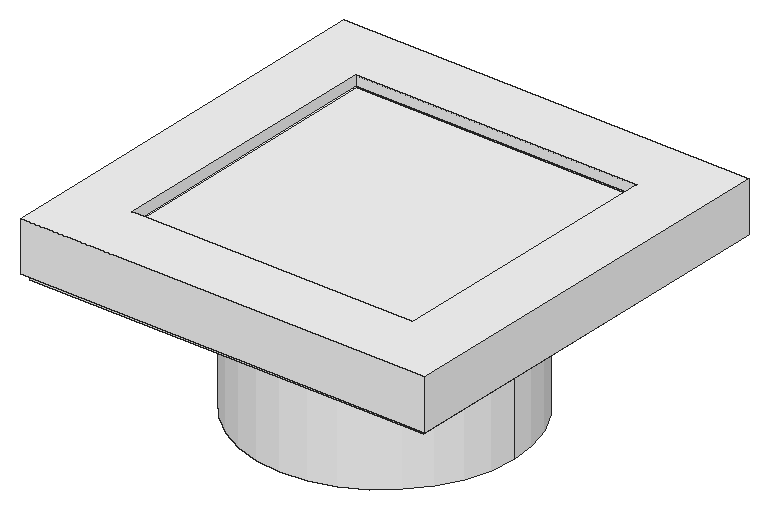
Revit family "Gira_012828", category Electrical Fixtures, host Face, Revit 2017
Family settings
  Host = Face
  Maintain Annotation Orientation = Yes
  Round Connector Dimension = Use Diameter
  Part Type = Normal
  Cut with Voids When Loaded = No
  Shared = No
  Room Calculation Point = No
Parameters (values of type "PB sw. 2-way 2-g System 55 anthra.")
  With mounting plate = "No"
  Wiring system = "Alternating-/alternating switch"
  White [instance] = White
  Washing machine switch = "No"
  URL = "http://katalog.gira.de/en/datenblatt.html?artikelnr=012828"
  Type of fastening = "Mounting with claw and screw"
  Surface protection = "Other"
  Suitable for degree of protection (IP) = "IP20"
  Rated current = "10"
  Push button switch = "Yes"
  Number of rockers = "2"
  Number of modules (module system) = "1"
  Nominal voltage = "250"
  Name = "PB sw. 2-way 2-g System 55 anthra."
  Mounting method = "Flush mounted (plaster)"
  Model = "Sys55_Komplettgerät_Schalten und Tasten"
  Method of operation = "Rocker/button"
  Material quality = "Thermoplastic"
  Material = "Plastic"
  Manufacturer URL = "https://www.gira.de/"
  Manufacturer = "Gira"
  Label space/information surface = "No"
  Illumination = "No"
  HeinzeBIM = "https://bimportal.heinze.de/bim/pb-sw-2-way-2-g-system-55-anthra-/b8b4a1d4009b65837e0079990beb440f9ced0333"
  Halogen free = "Yes"
  HAN = "012828"
  GTIN = "4010337128281"
  Feedback-signal contact = "No"
  Description = "PB sw.2-w 2g Sys55 AN,Pushbutton switch, 10 AX 250 V~ with rocker, 2-gang,2-way switch, 2-gang,anthracite,"
  Default Elevation = 1219.2 mm
  Data sheet (1) = "https://katalog.gira.de/en/download.html?artikelnr=012828"
  Connection type = "Plug clamp"
  Colour = "Anthracite"
  Category = "Switch"
  BIM (1) = "https://media.stage.bim.site/public/gira/36a6b08/Sys55_Komplettgerät_Schalten und Tasten.rfa?public/gira/36a6b08/Sys55_Komplettgerät_Schalten und Tasten.rfa"
  Available = "No"
  Assembly arrangement = "Basic element with central cover plate"
Reference planes
  plane 1 "Center (Front/Back)": y = 0
  plane 2: z = 0
  plane 3 "Center (Left/Right)": x = 0
Forms (mm)
  Extrusion 1, solid, material "White" <- "White", detail levels medium
    sketch origin (0, 0, 0) x (1, 0, 0) y (0, 1, 0)
      loop
        line (-40.4, 40.4) -> (-40.4, -40.4) -> (40.4, -40.4) -> (40.4, 40.4) -> (-40.4, 40.4)
      loop
        line (-28, 28) -> (-28, -28) -> (28, -28) -> (28, 28) -> (-28, 28)
    from 0 to 10
  Extrusion 2, solid, material "White" <- "White", detail levels fine
    sketch origin (0, 0, 0) x (1, 0, 0) y (0, 1, 0)
      loop
        line (-40.4, 40.4) -> (-40.4, -40.4) -> (40.4, -40.4) -> (40.4, 40.4) -> (-40.4, 40.4)
      loop
        line (-28, 28) -> (-28, -28) -> (28, -28) -> (28, 28) -> (-28, 28)
    from 0 to 10
  Extrusion 3, void
    sketch origin (0, 0, 0) x (1, 0, 0) y (0, 1, 0)
      loop
        line (-38.4, 38.4) -> (-38.4, -38.4) -> (38.4, -38.4) -> (38.4, 38.4) -> (-38.4, 38.4)
    from 0 to 8
  Extrusion 4, solid, material "White" <- "White", detail levels medium+fine
    sketch origin (0, 0, 0) x (1, 0, 0) y (0, 1, 0)
      loop
        line (-39.4, 39.4) -> (-39.4, -39.4) -> (39.4, -39.4) -> (39.4, 39.4) -> (-39.4, 39.4)
    from 0 to -1
  Extrusion 5, solid, material "White" <- "White", detail levels medium+fine
    sketch origin (0, 0, 0) x (1, 0, 0) y (0, 1, 0)
      loop
        line (-35.5, 35.5) -> (-35.5, -35.5) -> (35.5, -35.5) -> (35.5, 35.5) -> (-35.5, 35.5)
    from -2 to -3
  Extrusion 6, solid, material "White" <- "White", detail levels medium+fine
    sketch origin (0, 0, 0) x (1, 0, 0) y (0, 1, 0)
      loop
        circle (0, 0) r 26
    from 0 to -27.5
  Extrusion 7, solid, material "White" <- "White", detail levels coarse
    sketch origin (0, 0, 0) x (1, 0, 0) y (0, 1, 0)
      loop
        line (-40.4, 40.4) -> (-40.4, -40.4) -> (40.4, -40.4) -> (40.4, 40.4) -> (-40.4, 40.4)
    from -27.5 to 10
Cuts and joins
  Extrusion 3 cuts Extrusion 2
Dimensions and locks
  aligned and locked: plane 2 to host face
  aligned and locked: level to host face
  aligned and locked: plane 3 "Center (Left/Right)" to nested 2
  aligned and locked: plane 1 "Center (Front/Back)" to nested 2
Nested families
  nested 1: "Sys55_Abdeckung_Schalten und Tasten_floor_base" at (0, 0, 0), type "Sys55_Abdeckung_Schalten und Tasten_floor_base"
  nested 2: "Schalter" at (0, 0, 0), type "Schalter"
Connectors
  electrical at (0, 0, -27.5)
    settings: on Extrusion 6, index 1, voltage 220 V, apparent load 0 VA, apparent load phase1 0 VA, apparent load phase2 0 VA, apparent load phase3 0 VA, power factor 1, load classification "Other", number of poles 1, system type 30, power factor state 1, is connector primary yes, connector utility no, sub classification motor no, connector description ""
Definition of nested family "Sys55_Abdeckung_Schalten und Tasten_floor_base"
  Parameters
    Default Elevation = 1219.2 mm
    White [instance] = none
  Reference planes
    plane 1 "Center (Front/Back)": y = 0
    plane 2: z = 0
    plane 3 "Center (Left/Right)": x = 0
  Forms (mm)
    Extrusion 1, solid
      sketch origin (0, 0, 0) x (1, 0, 0) y (0, 1, 0)
        loop
          line (-1219.2, 1219.2) -> (-1219.2, -1219.2) -> (1219.2, -1219.2) -> (1219.2, 1219.2) -> (-1219.2, 1219.2)
      from 0 to -304.8
    Extrusion 2, solid, material <- "White", detail levels fine
      sketch origin (0, 0, 0) x (1, 0, 0) y (0, 1, 0)
        loop
          line (-27.5, 27.5) -> (-27.5, -27.5) -> (27.5, -27.5) -> (27.5, 27.5) -> (-27.5, 27.5)
      from 0 to 8
    Extrusion 3, void
      sketch origin (0, 0, 0) x (1, 0, 0) y (0, 1, 0)
        loop
          line (26, 26) -> (-26, 26) -> (-26, -26) -> (26, -26) -> (26, 26)
      from 0 to 6
    Extrusion 4, solid, material <- "White", detail levels medium
      sketch origin (0, 0, 0) x (1, 0, 0) y (0, 1, 0)
        loop
          line (-27.5, 27.5) -> (-27.5, -27.5) -> (27.5, -27.5) -> (27.5, 27.5) -> (-27.5, 27.5)
      from 0 to 8
    Extrusion 5, solid, material <- "White", detail levels medium
      sketch origin (0, 0, 0) x (1, 0, 0) y (0, 1, 0)
        loop
          line (11, -17.5) -> (11, 17.5) -> (-11, 17.5) -> (-11, -17.5) -> (11, -17.5)
      from -6 to 6
    Extrusion 6, solid, material <- "White", detail levels fine
      sketch origin (0, 0, 0) x (1, 0, 0) y (0, 1, 0)
        loop
          line (11, 17.5) -> (-11, 17.5) -> (-11, 16.5) -> (11, 16.5) -> (11, 17.5)
        loop
          line (-11, -16.5) -> (-11, -17.5) -> (11, -17.5) -> (11, -16.5) -> (-11, -16.5)
      from -4 to 6
    Extrusion 7, solid, material <- "White", detail levels fine
      sketch origin (0, 0, 0) x (1, 0, 0) y (0, 1, 0)
        loop
          arc (5, 9.347) -> (0, 10.6) -> (-5, 9.347) r 10.6
          line (-5, 9.347) -> (-5, -9.347)
          arc (-5, -9.347) -> (0, -10.6) -> (5, -9.347) r 10.6
          line (5, -9.347) -> (5, 9.347)
      from -6 to 6
    Extrusion 8, solid, material <- "White", detail levels coarse
      sketch origin (0, 0, 0) x (1, 0, 0) y (0, 1, 0)
        loop
          line (-27.5, 27.5) -> (-27.5, -27.5) -> (27.5, -27.5) -> (27.5, 27.5) -> (-27.5, 27.5)
      from -6 to 8
  Cuts and joins
    Extrusion 3 cuts Extrusion 2
  Dimensions and locks
    aligned and locked: plane 2 to Extrusion 1
    aligned and locked: level to Extrusion 1
Definition of nested family "Schalter"
  Reference planes
    plane 1: y = 0
    plane 2: x = 0
  Lines and regions (mm)
    detail lines
      curve 1: circle (1.375, 2.778, 0) r 0.8 normal (0, 0, 1)
      curve 2: line (1.021, 2.061, 0) -> (0, 0, 0)
      curve 3: line (0, 0, 0) -> (-0.538, 0.266, 0)
  Dimensions and locks
    curve 2 to curve 2 = 2.3 mm
    curve 3 to curve 2 = 0.6 mm
    radius of curve 1 = 0.8 mm
